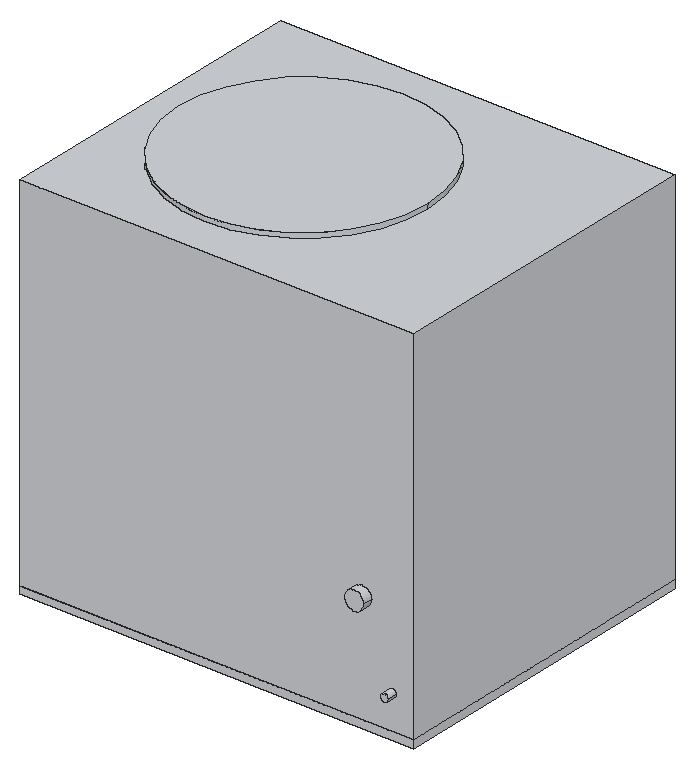
Revit family "M_Condensador para VPAC - Resfriado a ar - 11-26 kW", category Equipamento mecânico, Revit 2019
Family settings
  Cota do conector redondo = Usar raio
  Tipo de parte = Normal
  Número OmniClass = 23.75.10.24.21.11.11
  Título OmniClass = Packaged Refrigerant Condensing Coils and Fan Units
  ID de item do Seek = Condenser for VPAC - Air Cooled - 11-26 kW-0000-CAN-ENU
  Com base no plano de trabalho = Não
  Sempre na vertical = Sim
  Corte com vazios quando carregada = Não
  Compartilhado = Não
  Ponto de cálculo do ambiente = Não
Parameters (values of type "11 kW")
  Voltagem = 460 V
  Largura da unidade = 863.6 mm
  Material da unidade = none
  Comprimento da unidade = 1044.6 mm
  Altura da unidade = 984.3 mm
  Raio da saída = 10 mm
  Diâmetro da saída = Raio da saída * 2  # 20 mm
  Número de pólos = 3
  Carga máxima de operação = 10058.4 mm
  Classificação de carga = Refrigeração
  Raio da embocadura = 25 mm
  Diâmetro da embocadura = Raio da embocadura * 2  # 50 mm
  Raio do ventilador = Diâmetro do ventilador / 2  # 330.2 mm
  Diâmetro do ventilador = 660.4 mm
  C2 Deslocamento2 = 138.1 mm
  C2 Deslocamento1 = 314.3 mm
  C1 Deslocamento2 = 57.2 mm
  C1 Deslocamento1 = 111.1 mm
  Carga aparente = 3820 VA
Types (4, lengths in mm): name | Largura da unidade | Comprimento da unidade | Raio do ventilador | Diâmetro do ventilador | C2 Deslocamento2 | C2 Deslocamento1 | C1 Deslocamento2 | C1 Deslocamento1 | Carga aparente
  (no name) | 863.6 | 1044.6 | 330.2 | 660.4 | 138.1 | 314.3 | 57.2 | 111.1 | 3820 VA
  11 kW | 863.6 | 1044.6 | 330.2 | 660.4 | 138.1 | 314.3 | 57.2 | 111.1 | 3820 VA
  18 kW | 863.6 | 1044.6 | 330.2 | 660.4 | 138.1 | 314.3 | 57.2 | 111.1 | 6810 VA
  26 kW | 965.2 | 1300.2 | 355.6 | 711.2 | 130.2 | 341.3 | 138.1 | 200 | 8330 VA
Reference planes
  plane 1 "Centro (Frente/Trás)": y = 0
  plane 2: z = 0
  plane 3 "Centro (Esquerda/Direita)": x = 0
  plane 4: x = 1044.6
  plane 5: z = 984.3
  plane 6: z = 111.1
  plane 7: z = 314.3
  plane 8: x = 774.725
  plane 9: x = 987.4
  plane 10: x = 906.5
  plane 11: x = 76.2
  plane 12: y = 863.6
  plane 13: y = 431.8
  plane 14: x = 406.4
  plane 15: z = 768.35
  plane 16: x = 923.95
  plane 17: z = 997
  plane 18: y = -25.4
  plane 19: y = 25.4
  plane 20: z = 20.32
Forms (mm)
  Extrusion 1, solid, material <- "Material da unidade"
    sketch origin (0, 0, 0) x (1, 0, 0) y (0, 0, 1)
      loop
        line (0, 984.3) -> (0, 20.32) -> (1044.6, 20.32) -> (1044.6, 984.3) -> (0, 984.3)
    from 0 to -863.6
  Extrusion 2, solid, material <- "Material da unidade"
    sketch origin (0, 0, 0) x (1, 0, 0) y (0, 1, 0)
      loop
        circle (406.4, 431.8) r 330.2
    from 984.3 to 997
  Extrusion 3, solid, material <- "Material da unidade"
    sketch origin (0, 0, 0) x (1, 0, 0) y (0, 0, 1)
      loop
        circle (987.4, 111.1) r 10
    from 0 to 25.4
  Extrusion 4, solid, material <- "Material da unidade"
    sketch origin (0, 0, 0) x (1, 0, 0) y (0, 0, 1)
      loop
        circle (906.5, 314.3) r 25
    from 0 to 25.4
  Extrusion 5, solid, material <- "Material da unidade"
    sketch origin (0, 0, 0) x (1, 0, 0) y (0, 0, 1)
      loop
        circle (923.95, 768.35) r 12.7
    from -25.4 to 0
  Extrusion 6, solid, material <- "Material da unidade"
    sketch origin (0, 0, 0) x (1, 0, 0) y (0, 0, 1)
      loop
        line (0, 20.32) -> (0, 0) -> (1044.6, 0) -> (1044.6, 20.32) -> (0, 20.32)
    from -863.6 to 0
Cuts and joins
  joined: Extrusion 1, Extrusion 5
Lines and regions (mm)
  model lines
    curve 1: line (406.4, 0, 984.3) -> (406.4, 0, 20.32)
Dimensions and locks
  "Comprimento da unidade": plane 4 to plane 3 "Centro (Esquerda/Direita)"
  "Altura da unidade": plane 5 to plane 2
  "C1 Deslocamento1": plane 6 to plane 2
  "C2 Deslocamento1": plane 7 to plane 2
  locked: plane 4 to plane 8 at 269.875
  "C1 Deslocamento2": plane 4 to plane 9
  "C2 Deslocamento2": plane 4 to plane 10
  locked: plane 11 to plane 3 "Centro (Esquerda/Direita)" at 76.2
  "Largura da unidade": plane 12 to plane 1 "Centro (Frente/Trás)"
  equal spacing: plane 12, plane 13, plane 1 "Centro (Frente/Trás)"
  "Raio do ventilador": plane 11 to plane 14
  locked: plane 15 to plane 2 at 768.35
  locked: plane 4 to plane 16 at 120.65
  locked: plane 17 to plane 5 at 12.7
  locked: plane 1 "Centro (Frente/Trás)" to plane 18 at 25.4
  locked: plane 19 to plane 1 "Centro (Frente/Trás)" at 25.4
  locked: plane 20 to plane 2 at 20.32
  "Raio do ventilador": radius of Extrusion 2 sketch curve
  "Raio da saída": radius of Extrusion 3 sketch curve
  "Raio da embocadura": radius of Extrusion 4 sketch curve
  radius of Extrusion 5 sketch curve = 12.7 mm
  aligned and locked: plane 3 "Centro (Esquerda/Direita)" to Extrusion 1 sketch curve
  aligned and locked: Extrusion 1 sketch curve to plane 4
  aligned and locked: Extrusion 1 sketch curve to plane 5
  aligned and locked: Extrusion 1 to plane 1 "Centro (Frente/Trás)"
  aligned and locked: plane 12 to Extrusion 1
  aligned and locked: plane 13 to Extrusion 2 sketch curve
  aligned and locked: plane 14 to Extrusion 2 sketch curve
  aligned and locked: plane 5 to Extrusion 2
  aligned and locked: plane 17 to Extrusion 2
  aligned and locked: plane 6 to Extrusion 3 sketch curve
  aligned and locked: plane 9 to Extrusion 3 sketch curve
  aligned and locked: plane 7 to Extrusion 4 sketch curve
  aligned and locked: plane 10 to Extrusion 4 sketch curve
  aligned and locked: plane 15 to Extrusion 5 sketch curve
  aligned and locked: plane 16 to Extrusion 5 sketch curve
  aligned and locked: plane 19 to Extrusion 5
  aligned and locked: plane 1 "Centro (Frente/Trás)" to Extrusion 5
  aligned and locked: Extrusion 4 to plane 1 "Centro (Frente/Trás)"
  aligned and locked: Extrusion 3 to plane 1 "Centro (Frente/Trás)"
  aligned and locked: plane 18 to Extrusion 4  (x3)
  aligned and locked: plane 18 to Extrusion 3  (x2)
  aligned and locked: plane 20 to Extrusion 1 sketch curve
  aligned and locked: plane 3 "Centro (Esquerda/Direita)" to Extrusion 6 sketch curve
  aligned and locked: Extrusion 6 sketch curve to plane 20
  aligned and locked: plane 2 to Extrusion 6 sketch curve
  aligned and locked: Extrusion 6 sketch curve to plane 4
  aligned and locked: plane 12 to Extrusion 6
  aligned and locked: plane 1 "Centro (Frente/Trás)" to Extrusion 6
  aligned and locked: plane 1 "Centro (Frente/Trás)" to Extrusion 4  (x2)
  aligned and locked: plane 1 "Centro (Frente/Trás)" to Extrusion 3
  aligned and locked: plane 5 to curve 1
  aligned and locked: plane 20 to curve 1
  aligned and locked: curve 1 to plane 14
Connectors
  piping at (987.4, -25.4, 111.1), diameter 20, driven by "Raio da saída"
    settings: on Extrusion 3, index 1, connector inside diameter 20 mm, connector length 0 mm, flow factor 0, pipe flow 0.0 L/s, pressure drop 0.0 Pa, fitting loss kfactor 0, connector angle 0.00°, fixture units 0, engagement length 0 mm, angle of deflection 0.00°, flow configuration 0, flow direction 2, fitting loss method 0, system type 22, joint type 0, gender type 0, connector reference index 2, connector utility 0, adjustable connector no, is connector primary yes, connector description "Saída de material criogênico"
  piping at (906.5, -25.4, 314.3), diameter 50, driven by "Raio da embocadura"
    settings: on Extrusion 4, index 2, connector inside diameter 50 mm, connector length 0 mm, flow factor 0, pipe flow 0.0 L/s, pressure drop 0.0 Pa, fitting loss kfactor 0, connector angle 0.00°, fixture units 0, engagement length 0 mm, angle of deflection 0.00°, flow configuration 0, flow direction 1, fitting loss method 0, system type 22, joint type 0, gender type 0, connector reference index 1, connector utility 0, adjustable connector no, is connector primary no, connector description "Entrada de material criogênico"
  electrical at (923.95, 0, 768.35), driven by "Carga aparente", driven by "Voltagem", driven by "Número de pólos", driven by "Classificação de carga"
    settings: on Extrusion 5, index 3, voltage 460 V, apparent load 3820 VA, apparent load phase1 0 VA, apparent load phase2 0 VA, apparent load phase3 0 VA, power factor 0.8, load classification "Refrigeração", number of poles 3, system type 30, power factor state 1, is connector primary yes, connector utility no, sub classification motor no, connector description ""
